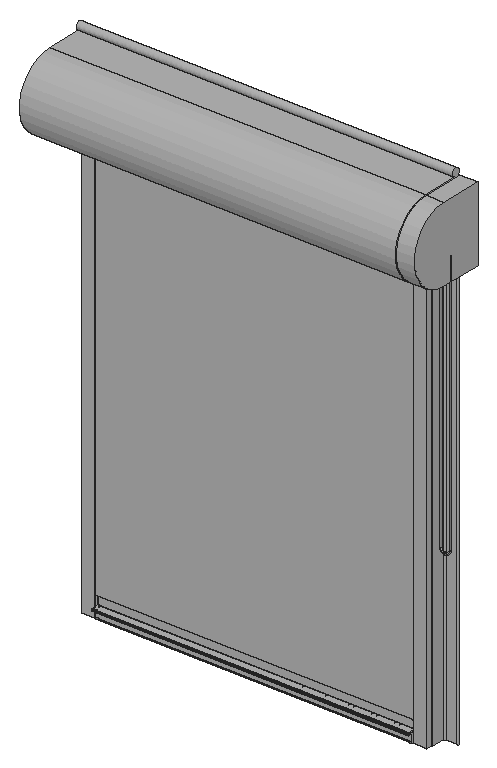
Revit family "Door-Fire_AlarmGard_FaceOfWallMount_CornellIron", category Doors, host Wall, Revit 2013
Parameters (values of type "Hand-Chain Operated, Galvanized Steel")
  Sizing Disclaimer = "30’ wide, 30’ high standard construction. Large Openings to 50’ wide, 40’ high up to 1200 sq. ft. consult factory. "  # constant formula
  Revit Object Download Link = "http://cornellcookson.smartbim.com/download/Door_Fire_AlarmGard_FaceOfWallMount_CornellIron"
  Motor = no
  Function = Interior
  Curtain 2 5/8" Slat = Galvanized steel (curtain only)
  Chain = yes
  Bottom Bar = Galvanized or powder coated plain steel (non curtain components)
  Guides = Galvanized or powder coated plain steel (non curtain components)
  Hood = Galvanized or powder coated plain steel (non curtain components)
  Mounting = "Face of Wall"  # constant formula
  URL Specifications = "http://www.cornelliron.com/docs/default-source/Specifications/fire-doors-specification.doc?sfvrsn=3"
  URL Photographs = "http://www.cornelliron.com/inspiration-customization/project-gallery"
  URL CAD = "http://www.cornelliron.com/architect-tools-and-resources/drawing-generator"
  URL = "http://www.cornelliron.com/fire.html"
  Subcategory = "Overhead Doors"  # constant formula
  Optional Powder Coated Finish, standard RAL colors, Galv. Steel only = no
  Operator = Operator : Hand-Chain
  Representatives Disclaimer = "Cornell products are sold and installed through a nationwide network of independent distributors."  # constant formula
  Distributor Locator = "http://www.cornelliron.com/contact-us"
  Operation = ""
  From Coil Side Operate on Right = yes
  From Coil Side Operate on Left = not(From Coil Side Operate on Right)  # no
  Model = "ERD10"  # constant formula
  Manufacturer = "Cornell Iron Works"  # constant formula
  LEED Information = "http://www.cornelliron.com/architect-tools-and-resources/leed-information"
  Height = 8' - 0"
  Wall Closure = By host
  Width = 6' - 0"
  Guide Height = Height + Drip Extension  # 8' - 3"
  Drip Extension = 0' - 3"
  Description = "Rated physical fire barriers, also security and access control. Not for part of required means of egress. "  # constant formula
  Operator Height = Height / 1.5  # 5' - 4"
  Assembly Code = "B2030410"
  95 CSI = "08330"  # constant formula
  Wall Construction = "Masonry or Steel"  # constant formula
  Listings = "UL Classified 4, 3, 1 ½, 1 and ¾ hour labels. Factory Mutual approval listing."  # constant formula
  Smoke Control = "UL leakage rated assembly “S” label available. "  # constant formula
  Windload = "A full range of specific wind load requirements available- consult Cornell. "  # constant formula
  Coil Dimension Note = "14In to 25In -  Consult Cornell when dimensions are critical."  # constant formula
  Jamb Dimension Note = "3 1/2In to  10In wide. Consult Cornell when dimensions are critical."  # constant formula
  04 CSI = "08 33 00"  # constant formula
Types (4): name | Motor | Curtain 2 5/8" Slat | Chain | Bottom Bar | Guides | Hood | Operator
  Hand-Chain Operated, Galvanized Steel | no | Galvanized steel (curtain only) | yes | Galvanized or powder coated plain steel (non curtain components) | Galvanized or powder coated plain steel (non curtain components) | Galvanized or powder coated plain steel (non curtain components) | Operator : Hand-Chain
  Hand-Chain Operated, Stainless Steel | no | Stainless steel (curtain only) | yes | Stainless steel (non-curtain components) | Stainless steel (non-curtain components) | Stainless steel (non-curtain components) | Operator : Hand-Chain
  Motor Operated, Galvanized Steel | yes | Galvanized steel (curtain only) | no | Galvanized or powder coated plain steel (non curtain components) | Galvanized or powder coated plain steel (non curtain components) | Galvanized or powder coated plain steel (non curtain components) | Operator : Motor Operator
  Motor Operated, Stainless Steel | yes | Stainless steel (curtain only) | no | Stainless steel (non-curtain components) | Stainless steel (non-curtain components) | Stainless steel (non-curtain components) | Operator : Motor Operator
Reference planes (in)
  plane 1 "Center (Front/Back)": y = 0
  plane 2 "Center (Left/Right)": x = 0
  plane 3 "Left": x = -36
  plane 4 "Right": x = 36
  plane 5 "Top": z = 96
  plane 6 "Wall Edge": y = -3
  plane 7 "Left Edge of Hood": x = -42.75
  plane 8: x = -41.50126
  plane 9: y = -3
  plane 10 "Right Edge of Hood": x = 42.75
  plane 11: x = 41.5
  plane 12 "Top of Hood": z = 116
  plane 13: y = -21
  plane 14: x = 31.5
  plane 15: z = 99
  plane 16 "Bottom Bar Alignment": y = -6.9375
  plane 17 "Bottom Bar Left": x = -39.25126
  plane 18 "Bottom Bar Right": x = 39.25126
  plane 19: z = 4.39975
  plane 20: y = -11.5
  plane 21: z = 107.5
  plane 22: y = -11.5
  plane 23: x = 39.25126
  plane 24: x = 44.875
  plane 25: x = 47
  plane 26: x = 42.75
  plane 27: x = -44.875
  plane 28: x = -47
Forms (in)
  Sweep 1, solid, material "Galvanized or powder coated plain steel (non curtain components)" <- "Hood"
    path origin (0, -3, 0) x (-1, 0, 0) y (0, 0, 1)
      loop
        line (-42.75, 99) -> (42.75, 99)
    profile "Profile_Hood : Profile_Hood" origin (0, -3, 99) x (0, 0, 1) y (0, 1, 0)
      loop
        line (17.00521, 0) -> (0, 0) -> (0, -9.04441)
        arc (0, -9.04441) -> (-1.75191, -9.2722) -> (0, -9.5) r 0.89077
        arc (0, -9.5) -> (8.5, -18) -> (17, -9.5) r 8.5
        line (17, -9.5) -> (17, -1.09786)
        arc (17, -1.09786) -> (18.75706, -0.90144) -> (17.00521, -0.66297) r 0.89077
        line (17.00521, -0.66297) -> (17.00521, 0)
  Extrusion 2, solid, material "Galvanized steel (curtain only)" <- "Curtain 2 5/8" Slat"
    sketch origin (0, 0, 0) x (1, 0, 0) y (0, 1, 0)
      loop
        line (-38.37626, -6.625) -> (-38.37626, -7.25) -> (38.375, -7.25) -> (38.375, -6.625) -> (-38.37626, -6.625)
    from 4.39975 to 99
  Sweep 3, solid, material "Galvanized or powder coated plain steel (non curtain components)" <- "Guides"
    path origin (0, -6.9375, 0) x (1, 0, 0) y (0, 0, 1)
      loop
        line (36, 0) -> (-36, 0)
    profile "Profile_BottomBar : Profile_BottomBar" origin (0, -6.9375, 0) x (0, 0, -1) y (0, -1, 0)
      loop
        arc (-2.58725, -0.14) -> (-2.54306, -0.15831) -> (-2.52475, -0.2025) r 0.0625
        line (-2.52475, -0.2025) -> (-2.52475, -1.9525)
        arc (-2.52475, -1.9525) -> (-2.50644, -1.99669) -> (-2.46225, -2.015) r 0.0625
        line (-2.46225, -2.015) -> (-2.39975, -2.015) -> (-2.39975, -0.015) -> (-2.33875, -0.015) -> (-2.33875, -0.157)
        arc (-2.33875, -0.157) -> (-2.24825, -0.2475) -> (-2.15775, -0.157) r 0.0905
        line (-2.15775, -0.157) -> (-2.15775, -0.0625) -> (-2.09375, -0.0625) -> (-2.09375, -1.84625) -> (-1.96875, -1.84625) -> (-1.96875, -1.09625)
        arc (-1.96875, -1.09625) -> (-1.93214, -1.00786) -> (-1.84375, -0.97125) r 0.125
        line (-1.84375, -0.97125) -> (-0.25, -0.97125)
        arc (-0.25, -0.97125) -> (-0.07322, -0.89803) -> (0, -0.72125) r 0.25
        line (0, -0.72125) -> (0, 0.77875)
        arc (0, 0.77875) -> (-0.07322, 0.95553) -> (-0.25, 1.02875) r 0.25
        line (-0.25, 1.02875) -> (-1.84375, 1.02875)
        arc (-1.84375, 1.02875) -> (-1.93214, 1.06536) -> (-1.96875, 1.15375) r 0.125
        line (-1.96875, 1.15375) -> (-1.96875, 1.90375) -> (-2.09375, 1.90375) -> (-2.09375, 0.0625) -> (-2.15775, 0.0625) -> (-2.15775, 0.157)
        arc (-2.15775, 0.157) -> (-2.24825, 0.2475) -> (-2.33875, 0.157) r 0.0905
        line (-2.33875, 0.157) -> (-2.33875, 0.015) -> (-2.39975, 0.015) -> (-2.39975, 2.015) -> (-2.46225, 2.015)
        arc (-2.46225, 2.015) -> (-2.50644, 1.99669) -> (-2.52475, 1.9525) r 0.0625
        line (-2.52475, 1.9525) -> (-2.52475, 0.2025)
        arc (-2.52475, 0.2025) -> (-2.54306, 0.15831) -> (-2.58725, 0.14) r 0.0625
        line (-2.58725, 0.14) -> (-4.33725, 0.14)
        arc (-4.33725, 0.14) -> (-4.38144, 0.12169) -> (-4.39975, 0.0775) r 0.0625
        line (-4.39975, 0.0775) -> (-4.39975, -0.0775)
        arc (-4.39975, -0.0775) -> (-4.38144, -0.12169) -> (-4.33725, -0.14) r 0.0625
        line (-4.33725, -0.14) -> (-2.58725, -0.14)
Lines and regions (in)
  Opening 1
    outline origin (-90, -3, 0) x (1, 0, 0) y (0, 0, 1)
      loop
        line (54, 0) -> (126, 0) -> (126, 96) -> (54, 96) -> (54, 0)
  symbolic lines, style "Doors"
    curve 1: line (38.375, -6.625, 0) -> (-38.37626, -6.625, 0)
    curve 2: line (-38.37626, -6.625, 0) -> (-38.37626, -7.25, 0)
    curve 3: line (-38.37626, -7.25, 0) -> (38.375, -7.25, 0)
    curve 4: line (38.375, -7.25, 0) -> (38.375, -6.625, 0)
    curve 5: line (36, -4.9225, 0) -> (-36, -4.9225, 0)
    curve 6: line (36, -8.9525, 0) -> (36, -7.25, 0)
    curve 7: line (-36, -8.9525, 0) -> (36, -8.9525, 0)
    curve 8: line (-36, -4.9225, 0) -> (-36, -6.625, 0)
    curve 9: line (36, -6.625, 0) -> (36, -4.9225, 0)
    curve 10: line (-36, -7.25, 0) -> (-36, -8.9525, 0)
Text (in)
  text "Exterior" at (-74.96733, 27.31104, 0), in view "Ref. Level"
  text "Interior" at (-74.96733, -25.14366, 0), in view "Ref. Level"
  text "Exterior" at (0, 40.15149, 123.01588), in view "Right"
  text "Interior" at (0, -64.39139, 123.01588), in view "Right"
  text "Interior" at (0, -63.63426, 123.00693), in view "Left"
  text "Exterior" at (0, 54.57065, 123.00693), in view "Left"
Dimensions and locks (in)
  equal spacing: plane 3 "Left", plane 2 "Center (Left/Right)", plane 4 "Right"
  "Height": level to plane 5 "Top"
  "Width": plane 3 "Left" to plane 4 "Right"
  locked: plane 7 "Left Edge of Hood" to plane 3 "Left" at 6.75
  locked: plane 9 to plane 6 "Wall Edge"
  locked: plane 10 "Right Edge of Hood" to plane 4 "Right" at 6.75
  locked: plane 4 "Right" to plane 11 at 5.5
  locked: plane 9 to plane 13 at 18
  locked: plane 8 to plane 3 "Left" at 5.50126
  locked: nested 1 to Extrusion 2 sketch curve at 0.625
  locked: Extrusion 2 sketch curve to nested 1 at 0.1875
  locked: Extrusion 2 sketch curve to nested 2 at 0.625
  locked: Extrusion 2 sketch curve to Extrusion 2 sketch curve at 0.625
  "Drip Extension": plane 15 to plane 5 "Top"
  locked: plane 16 "Bottom Bar Alignment" to plane 9 at 3.9375
  locked: plane 17 "Bottom Bar Left" to plane 3 "Left" at 3.25126
  locked: plane 4 "Right" to plane 18 "Bottom Bar Right" at 3.25126
  locked: level to plane 19 at 4.39975
  plane 12 "Top of Hood" to plane 15 = 1' - 5"
  equal spacing: plane 12 "Top of Hood", plane 21, plane 15
  locked: host wall to plane 22 at 8.5
  equal spacing: plane 25, plane 24, plane 26
  locked: plane 26 to plane 23 at 3.49874
  locked: plane 26 to plane 11 at 1.25
  locked: plane 25 to plane 26 at 4.25
  plane 28 to plane 27 = 0' - 2 1/8"
  locked: plane 27 to plane 8 at 3.37374
  Sweep 1 to plane 15 = 1' - 5"
  aligned and locked: plane 3 "Left" to Opening 1 sketch curve
  aligned and locked: plane 5 "Top" to Opening 1 sketch curve  (x2)
  aligned and locked: Opening 1 sketch curve to plane 4 "Right"
  aligned and locked: Opening 1 sketch curve to level
  aligned and locked: plane 6 "Wall Edge" to host wall
  aligned and locked: nested 1 to plane 9
  aligned and locked: nested 1 to plane 8
  aligned and locked: plane 11 to nested 2
  aligned and locked: plane 9 to nested 2
  aligned and locked: plane 7 "Left Edge of Hood" to Sweep 1 sketch curve
  aligned and locked: plane 10 "Right Edge of Hood" to Sweep 1 sketch curve
  aligned and locked: Sweep 1 sketch curve to plane 15
  aligned and locked: level to Sweep 3 sketch curve
  aligned and locked: plane 4 "Right" to Sweep 3 sketch curve
  aligned and locked: plane 3 "Left" to Sweep 3 sketch curve
  aligned and locked: Extrusion 2 to Sweep 3
  aligned and locked: plane 15 to Extrusion 2
  aligned and locked: plane 12 "Top of Hood" to Sweep 1
  aligned and locked: plane 22 to plane 20
  aligned and locked: nested 3 to plane 2 "Center (Left/Right)"
  aligned and locked: nested 3 to plane 13
  aligned and locked: nested 3 to plane 12 "Top of Hood"
  aligned and locked: level to nested 2
  aligned and locked: nested 1 to level
  aligned and locked: curve 1 to Extrusion 2
  aligned and locked: curve 2 to Extrusion 2
  aligned and locked: curve 3 to Extrusion 2
  aligned and locked: curve 4 to Extrusion 2
  aligned and locked: curve 5 to Sweep 3
  aligned and locked: curve 6 to Sweep 3
  aligned and locked: curve 7 to Sweep 3
  aligned and locked: curve 8 to Sweep 3
Automatic sketch dimensions
  plane 16 "Bottom Bar Alignment" to curve 3 = 0' - 0 5/16"
  plane 17 "Bottom Bar Left" to curve 3 = 0' - 0 7/8"
  plane 18 "Bottom Bar Right" to curve 4 = 0' - 0.87626"
  curve 2 to plane 16 "Bottom Bar Alignment" = 0' - 0 5/16"
  plane 16 "Bottom Bar Alignment" to curve 6 = 0' - 0 5/16"
  plane 16 "Bottom Bar Alignment" to curve 10 = 0' - 0 5/16"
  curve 10 to plane 3 "Left" = 0' - 0"
  curve 8 to plane 16 "Bottom Bar Alignment" = 0' - 0 5/16"
  curve 9 to plane 4 "Right" = 0' - 0"
  curve 9 to plane 16 "Bottom Bar Alignment" = 0' - 0 5/16"
Nested families (in)
  nested 1: "Guide-Wall" at (-41.50126, -3, 0), type "Guide"
  nested 2: "Guide-Wall" at (41.5, -3, 0) x (-1, 0, 0) z (0, 0, 1), type "Guide"
  nested 3: "Operator" at (0, -3, 43.50391), type <- "Operator", type "Hand-Chain"
Definition of nested family "Guide-Wall"
  Parameters (values of type "Guide")
    Height = 8' - 3"
    Guide = Galvanized or powder coated plain steel (non curtain components)
    Assembly Code = ""
  Reference planes (in)
    plane 1 "Center (Front/Back)": y = 0
    plane 2: z = 0
    plane 3 "Center (Left/Right)": x = 0
    plane 4: z = 99
    plane 5 "Center Line": x = 4.5
    plane 6: y = -0.25
    plane 7: y = -3.75
    plane 8: y = -3.5
  Forms (in)
    Extrusion 1, solid, material "Galvanized or powder coated plain steel (non curtain components)" <- "Guide"
      sketch origin (0, 0, 0) x (1, 0, 0) y (0, 1, 0)
        loop
          line (-1, -0.25) -> (1.625, -0.25)
          arc (1.625, -0.25) -> (1.89017, -0.35983) -> (2, -0.625) r 0.375
          line (2, -0.625) -> (2, -3.25)
          arc (2, -3.25) -> (2.07322, -3.42678) -> (2.25, -3.5) r 0.25
          line (2.25, -3.5) -> (2.25, -4.75) -> (5.25, -4.75)
          arc (5.25, -4.75) -> (5.17678, -4.57322) -> (5, -4.5) r 0.25
          line (5, -4.5) -> (2.875, -4.5)
          arc (2.875, -4.5) -> (2.60983, -4.39017) -> (2.5, -4.125) r 0.375
          line (2.5, -4.125) -> (2.5, -3.062) -> (4, -3.062) -> (4, -3.4375) -> (4.75, -3.4375) -> (4.75, -3.062) -> (5.5, -3.062)
          arc (5.5, -3.062) -> (5.44508, -2.92942) -> (5.3125, -2.8745) r 0.1875
          line (5.3125, -2.8745) -> (3, -2.8745)
          arc (3, -2.8745) -> (2.77903, -2.78297) -> (2.6875, -2.562) r 0.3125
          line (2.6875, -2.562) -> (2.6875, -1.2495)
          arc (2.6875, -1.2495) -> (2.63258, -1.11692) -> (2.5, -1.062) r 0.1875
          line (2.5, -1.062) -> (2.5, -1.5)
          arc (2.5, -1.5) -> (2.42678, -1.32322) -> (2.25, -1.25) r 0.25
          line (2.25, -1.25) -> (2.25, 0) -> (-1.25, 0)
          arc (-1.25, 0) -> (-1.17678, -0.17678) -> (-1, -0.25) r 0.25
      from 0 to 99
  Lines and regions (in)
    symbolic lines
      curve 1: line (2.25, 0, 0) -> (2.25, -4.75, 0)
      curve 2: line (2.5, -3.5, 0) -> (2.5, -1.062, 0)
      curve 3: line (4, -3.062, 0) -> (4.75, -3.062, 0)
    symbolic lines, style "GenericModel"
      curve 4: line (2.25, -1.25, 0) -> (2.25, 0, 0)
      curve 5: line (2.5, -4.125, 0) -> (2.5, -3.062, 0)
      curve 6: line (2, -0.625, 0) -> (2, -3.25, 0)
      curve 7: arc (2, -3.25, 0) -> (2.07322, -3.42678, 0) -> (2.25, -3.5, 0) r 0.25
      curve 8: arc (1.625, -0.25, 0) -> (1.89017, -0.35983, 0) -> (2, -0.625, 0) r 0.375
      curve 9: line (-1, -0.25, 0) -> (1.625, -0.25, 0)
      curve 10: arc (-1.25, 0, 0) -> (-1.17678, -0.17678, 0) -> (-1, -0.25, 0) r 0.25
      curve 11: line (2.25, 0, 0) -> (-1.25, 0, 0)
      curve 12: arc (2.5, -1.5, 0) -> (2.42678, -1.32322, 0) -> (2.25, -1.25, 0) r 0.25
      curve 13: arc (2.6875, -1.2495, 0) -> (2.63258, -1.11692, 0) -> (2.5, -1.062, 0) r 0.1875
      curve 14: line (2.6875, -2.562, 0) -> (2.6875, -1.2495, 0)
      curve 15: line (5.3125, -2.8745, 0) -> (3, -2.8745, 0)
      curve 16: arc (5.5, -3.062, 0) -> (5.44508, -2.92942, 0) -> (5.3125, -2.8745, 0) r 0.1875
      curve 17: line (4.75, -3.062, 0) -> (5.5, -3.062, 0)
      curve 18: line (2.5, -3.062, 0) -> (4.75, -3.062, 0)
      curve 19: line (4, -3.4375, 0) -> (4.75, -3.4375, 0)
      curve 20: line (4, -3.062, 0) -> (4, -3.4375, 0)
      curve 21: line (4.75, -3.4375, 0) -> (4.75, -3.062, 0)
      curve 22: line (2.25, -4.75, 0) -> (5.25, -4.75, 0)
      curve 23: arc (2.875, -4.5, 0) -> (2.60983, -4.39017, 0) -> (2.5, -4.125, 0) r 0.375
      curve 24: line (5, -4.5, 0) -> (2.875, -4.5, 0)
      curve 25: arc (5.25, -4.75, 0) -> (5.17678, -4.57322, 0) -> (5, -4.5, 0) r 0.25
      curve 26: arc (3, -2.8745, 0) -> (2.77903, -2.78297, 0) -> (2.6875, -2.562, 0) r 0.3125
  Dimensions and locks (in)
    "Height": plane 4 to plane 2
    locked: plane 3 "Center (Left/Right)" to plane 5 "Center Line" at 4.5
    aligned and locked: plane 2 to level
    aligned and locked: plane 1 "Center (Front/Back)" to Extrusion 1 sketch curve
    aligned and locked: plane 6 to Extrusion 1
    aligned and locked: plane 4 to Extrusion 1
    aligned and locked: curve 1 to Extrusion 1
    aligned and locked: plane 8 to curve 2
    aligned and locked: Extrusion 1 to curve 3
    aligned and locked: curve 3 to Extrusion 1
    aligned and locked: curve 4 to Extrusion 1
    aligned and locked: curve 7 to Extrusion 1
    aligned and locked: curve 8 to Extrusion 1
    aligned and locked: curve 10 to Extrusion 1
    aligned and locked: curve 11 to Extrusion 1
    aligned and locked: curve 12 to Extrusion 1
    aligned and locked: curve 13 to Extrusion 1
    aligned and locked: curve 16 to Extrusion 1
    aligned and locked: curve 17 to Extrusion 1
    aligned and locked: curve 18 to Extrusion 1
    aligned and locked: curve 19 to Extrusion 1
    aligned and locked: curve 21 to Extrusion 1
    aligned and locked: curve 22 to Extrusion 1
    aligned and locked: curve 23 to Extrusion 1
    aligned and locked: curve 25 to Extrusion 1
    aligned and locked: curve 26 to Extrusion 1
  Automatic sketch dimensions
    Extrusion 1 sketch curve to plane 8 = 0' - 0"
    plane 5 "Center Line" to Extrusion 1 sketch curve = 0' - 0 3/4"
    plane 7 to Extrusion 1 sketch curve = 0' - 1"
    Extrusion 1 sketch curve to Extrusion 1 sketch curve = 0' - 0 1/4"  (x4)
    Extrusion 1 sketch curve to Extrusion 1 sketch curve = 0' - 0 3/8"
    plane 5 "Center Line" to Extrusion 1 sketch curve = 0' - 1"
    Extrusion 1 sketch curve to Extrusion 1 sketch curve = 0' - 0 3/16"  (x2)
    Extrusion 1 sketch curve to Extrusion 1 sketch curve = 0' - 0 5/16"
    Extrusion 1 sketch curve to Extrusion 1 sketch curve = 0' - 2.2505"
    plane 3 "Center (Left/Right)" to Extrusion 1 sketch curve = 0' - 1 5/8"
    Extrusion 1 sketch curve to Extrusion 1 sketch curve = 0' - 0 5/8"
    Extrusion 1 sketch curve to Extrusion 1 sketch curve = 0' - 1 3/4"
    Extrusion 1 sketch curve to plane 6 = 0' - 0"
    Extrusion 1 sketch curve to plane 6 = 0' - 0 3/8"
    Extrusion 1 sketch curve to plane 3 "Center (Left/Right)" = 0' - 1"
    Extrusion 1 sketch curve to plane 8 = 0' - 0 1/16"
    Extrusion 1 sketch curve to plane 5 "Center Line" = 0' - 0 1/2"
    Extrusion 1 sketch curve to Extrusion 1 sketch curve = 0' - 0.3755"  (x2)
    plane 5 "Center Line" to Extrusion 1 sketch curve = 0' - 0 1/4"
    curve 5 to curve 18 = 0' - 0"
    curve 4 to curve 12 = 0' - 0"
Definition of nested family "Operator"
  Parameters (values of type "Hand-Chain")
    Width = 6' - 0"
    Straight = yes
    Right Visibility = yes
    Operator Height = 5' - 4"
    Motor Visibility = not(Motor)  # yes
    Motor = no
    Material = Galvanized or powder coated plain steel (non curtain components)
    Left Visibility = no
    Chain = yes
    Bottom Bar = Galvanized or powder coated plain steel (non curtain components)
    Assembly Code = ""
  Types (2): name | Straight | Motor Visibility | Motor | Chain
    Hand-Chain | yes | yes | no | yes
    Motor Operator | no | no | yes | no
  Reference planes (in)
    plane 1 "Center (Front/Back)": y = 0
    plane 2: z = 0
    plane 3 "Center (Left/Right)": x = 0
    plane 4: x = 36
    plane 5: x = -36
    plane 6: x = 42.75
    plane 7: x = -42.75
    plane 8: y = -18
  Lines and regions (in)
    symbolic lines, style "GenericModelHiddenLines", visible <- "Left Visibility"
      curve 1: line (-21.75, -18, 0) -> (42.75, -18, 0)
    symbolic lines, style "GenericModelHiddenLines", visible <- "Right Visibility"
      curve 2: line (-42.75, -18, 0) -> (21.75, -18, 0)
    symbolic lines, style "GenericModelHiddenLines", visible <- "Straight"
      curve 3: line (-42.75, -18, 0) -> (42.75, -18, 0)
    symbolic lines, style "GenericModelHiddenLines", visible <- "Motor Visibility"
      curve 4: line (-42.75, -18, 0) -> (42.75, -18, 0)
    symbolic lines, style "GenericModelHiddenLines"
      curve 5: line (-42.75, -18, 0) -> (-42.75, 0, 0)
      curve 6: line (42.75, 0, 0) -> (42.75, -18, 0)
  Dimensions and locks (in)
    equal spacing: plane 5, plane 3 "Center (Left/Right)", plane 4
    "Width": plane 5 to plane 4
    locked: plane 4 to plane 6 at 6.75
    locked: plane 7 to plane 5 at 6.75
    locked: plane 1 "Center (Front/Back)" to plane 8 at 18
    aligned and locked: plane 8 to nested 1
    aligned and locked: nested 2 to plane 8
    aligned and locked: nested 2 to plane 7
    aligned and locked: nested 1 to plane 6
    aligned and locked: nested 2 to curve 1
    aligned and locked: plane 6 to curve 1
    aligned and locked: nested 1 to curve 2
    aligned and locked: curve 1 to plane 8
    aligned and locked: curve 3 to plane 8
    aligned and locked: plane 1 "Center (Front/Back)" to curve 6
    aligned and locked: plane 8 to curve 6
    aligned and locked: curve 6 to plane 6
    aligned and locked: plane 1 "Center (Front/Back)" to curve 5
    aligned and locked: curve 5 to plane 7
  Nested families (in)
    nested 1: "Pull-Down-Pole" at (48.625, -8.5, 0), visible <- "Right Visibility", type "Right Operator"
      with Motor no, Chain yes
    nested 2: "Pull-Down-Pole" at (-48.625, -8.5, 0) x (-1, 0, 0) z (0, 0, 1), visible <- "Left Visibility", type "Left Operator"
      with Motor no, Chain yes
  Definition of nested family "Pull-Down-Pole"
    Parameters (values of type "Left Operator")
      Motor = yes
      Material = Galvanized or powder coated plain steel (non curtain components)
      Height = 5' - 4"
      Chain = no
      Bottom Bar = Galvanized or powder coated plain steel (non curtain components)
      Assembly Code = ""
    Types (2): name
      Left Operator
      Right Operator
    Reference planes (in)
      plane 1 "Center (Front/Back)": y = 0
      plane 2: z = 0
      plane 3 "Center (Left/Right)": x = 0
      plane 4: z = 64
      plane 5: y = -9.5
      plane 6: y = -20.875
    Forms (in)
      Extrusion 1, solid, material "Galvanized or powder coated plain steel (non curtain components)" <- "Material", visible <- "Motor"
        sketch origin (0, 0, 0) x (1, 0, 0) y (0, 0, 1)
          loop
            line (-26.875, 72.49609) -> (-26.875, 55.49609) -> (-5.875, 55.49609) -> (-5.875, 72.49609) -> (-26.875, 72.49609)
        from 9.5 to 20.875
      Sweep 2, solid, material "Galvanized or powder coated plain steel (non curtain components)" <- "Material", visible <- "Chain"
        path origin (0, 2, 0) x (1, 0, 0) y (0, 0, 1)
          loop
            line (-4.875, 64) -> (-4.875, 0)
            arc (-4.875, 0) -> (-3.75, -1.125) -> (-2.625, 0) r 1.125
            line (-2.625, 0) -> (-2.625, 64)
        profile origin (-4.875, 2, 32) x (0, -1, 0) y (1, 0, 0)
          loop
            circle (0, 0) r 0.15023
      Extrusion 3, solid, material "Galvanized or powder coated plain steel (non curtain components)" <- "Bottom Bar", visible <- "Chain"
        sketch origin (54.75, -180, 27.39089) x (0, 0, 1) y (0, -1, 0)
          loop
            line (45.10911, -188.5) -> (45.10911, -179)
            arc (45.10911, -179) -> (36.60911, -170.5) -> (28.10911, -179) r 8.5
            line (28.10911, -179) -> (28.10911, -188.5) -> (45.10911, -188.5)
        from -56.375 to -60.625
    Lines and regions (in)
      symbolic lines, style "GenericModelHiddenLines", visible <- "Motor"
        curve 1: line (-26.875, -20.875, 0) -> (-26.875, -9.5, 0)
        curve 2: line (-26.875, -20.875, 0) -> (-5.875, -20.875, 0)
        curve 3: line (-5.875, -20.875, 0) -> (-5.875, -9.5, 0)
    Dimensions and locks (in)
      "Height": plane 4 to level
      locked: plane 3 "Center (Left/Right)" to Extrusion 1 sketch curve at 5.875
      locked: Extrusion 1 sketch curve to Extrusion 1 sketch curve at 21
      locked: plane 4 to Extrusion 1 sketch curve at 8.50391
      locked: Extrusion 1 sketch curve to plane 4 at 8.49609
      locked: plane 1 "Center (Front/Back)" to plane 5 at 9.5
      locked: plane 5 to plane 6 at 11.375
      locked: Sweep 2 sketch curve to Extrusion 1 at 1
      aligned and locked: plane 5 to Extrusion 1
      aligned and locked: plane 6 to Extrusion 1
      aligned and locked: level to Sweep 2 sketch curve
      aligned and locked: plane 4 to Sweep 2 sketch curve  (x2)
      aligned and locked: plane 5 to curve 1
      aligned and locked: plane 5 to curve 3
      aligned and locked: plane 6 to curve 3
      aligned and locked: Extrusion 1 to curve 2
      aligned and locked: plane 6 to curve 2
      aligned and locked: curve 1 to Extrusion 1
    Automatic sketch dimensions
      Sweep 2 sketch curve to plane 1 "Center (Front/Back)" = 0' - 2"
      Sweep 2 sketch curve to profile plane = 0' - 0"
      Sweep 2 sketch curve to Sweep 2 sketch curve = 0' - 1 1/8"
      Extrusion 3 sketch curve to plane 4 = 0' - 0"
      plane 1 "Center (Front/Back)" to Extrusion 3 sketch curve = 0' - 1"
      plane 4 to Extrusion 3 sketch curve = 0' - 8 1/2"
      Extrusion 3 sketch curve to plane 1 "Center (Front/Back)" = 0' - 8 1/2"
      radius of Sweep 2 sketch curve = 0' - 0.15023"
